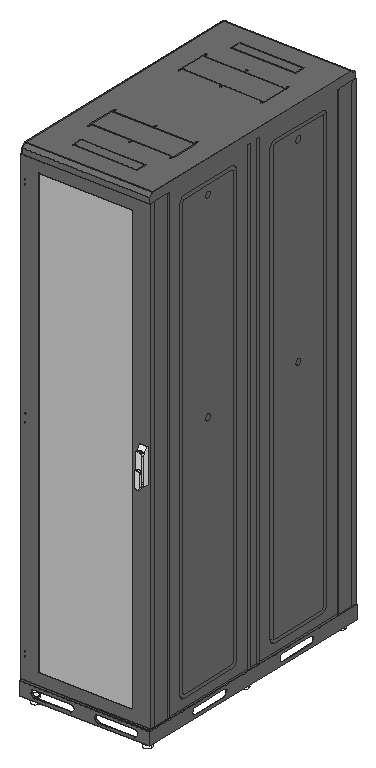
Revit family "600х1200", category Обобщенные модели, Revit 2019
Family settings
  Может служить основой для арматурных стержней = Нет
  Размер круглого соединителя = Использовать диаметр
  Тип детали = Нормальный
  На основе рабочей плоскости = Нет
  Всегда вертикально = Да
  При загрузке вырезать с полостями = Нет
  Общий = Нет
  Точка расчета площади = Нет
Parameters (values of type "ШТ-НП-С-47U-600-1200-ПП-Ч")
  Смещение от пола [instance] = 500 mm
  Описание = "Шкаф телекоммуникационный напольный серверный 19&quot;.47U(600x1200) . ШТ-НП-С-47U-600-1200-ПП-Ч передняя и задняя дверь перфорированная черн."
  Ноль = 0 mm  # constant formula
  Не двустворчатая дверь = not(Двустворчатая дверь)  # yes
  Материал крепежей = Металл черный
  Материал колес и ручек = Металл белый
  Материал каркаса = Металл черный
  Двустворчатая дверь = no
  Высота окна [instance] = ADSK_Размер_Высота - 40 mm - 62 mm - 7 mm + Ноль  # 2180 mm
  ADSK_Этаж [instance] = ""
  ADSK_Размер_Ширина [instance] = 600 mm  # constant formula
  ADSK_Размер_Глубина [instance] = 1200 mm  # constant formula
  ADSK_Размер_Высота = 2289 mm
  ADSK_Примечание [instance] = ""
  ADSK_Предел огнестойкости = ""
  ADSK_Позиция [instance] = ""
  ADSK_Обозначение = ""
  ADSK_Наименование краткое = "ШТ-НП-С-47U-600-1200-ПП-Ч"
  ADSK_Наименование = "Шкаф телекоммуникационный напольный серверный 19&quot;.47U(600x1200) . ШТ-НП-С-47U-600-1200-ПП-Ч передняя и задняя дверь перфорированная черн."
  ADSK_Масса_Текст = "110.0"
  ADSK_Марка [instance] = "ШТ-НП-С-47U-600-1200-ПП-Ч"
  ADSK_Количество [instance] = 1  # constant formula
  ADSK_Код изделия = "130411-01425"
  ADSK_Зона = ""
  ADSK_Завод-изготовитель = "АО СВЯЗЬСТРОЙДЕТАЛЬ"  # constant formula
  ADSK_Единица измерения = "шт"  # constant formula
  ADSK_URL страницы изделия = "https://www.ssd.ru/shkaf-telekommunikatsionnyy-napolnyy-servernyy-chernyy-19-quot-47u-600x1000-sht-np-s-47u-600-1000-pp"
  ADSK_URL документации изделия = ""
Reference planes
  plane 1 "тттт": y = 0
  plane 2: z = 0
  plane 3 "УУУУ": x = 0
  plane 4: y = 600
  plane 5: y = -600
  plane 6: x = -300
  plane 7: x = 300
  plane 8: z = 500
  plane 9: x = -298
  plane 10: x = -296
  plane 11: x = 298
  plane 12: x = 296
  plane 13: z = 530
  plane 14: z = 592
  plane 15: z = 599
  plane 16: z = 2779
  plane 17: z = 2819
  plane 18: x = -260
  plane 19: y = -560
  plane 20: x = 260
  plane 21: y = -560
  plane 22: x = -260
  plane 23: y = 560
  plane 24: x = 260
  plane 25: y = 560
  plane 26: z = 520
  plane 27: z = 510
  plane 28: y = -555
  plane 29: y = 555
  plane 30: y = 575
  plane 31: y = -575
  plane 32: z = 2817
  plane 33: y = 575
  plane 34: z = 2749
  plane 35: z = 629
  plane 36: y = -545
  plane 37: y = 545
  plane 38: z = 1689
  plane 39: y = -595
  plane 40: y = 595
  plane 41: z = 2805
Forms (mm)
  Extrusion 1, void, not visible, detail levels fine
    sketch origin (-20, 0, 0) x (1, 0, 0) y (0, 0, 1)
      loop
        arc (-281.999, 290) -> (-261.999, 270) -> (-241.999, 290) r 20
        line (-241.999, 290) -> (-241.999, 370)
        arc (-241.999, 370) -> (-261.999, 390) -> (-281.999, 370) r 20
        line (-281.999, 370) -> (-281.999, 290)
    from 90 to 190
  Extrusion 2, void, not visible
    sketch origin (-20, 0, 225) x (1, 0, 0) y (0, 0, 1)
      loop
        circle (-261.999, 215) r 6.5
    from 90 to 190
  Extrusion 3, void, not visible, detail levels fine
    sketch origin (20, 0, 0) x (-1, 0, 0) y (0, 0, -1)
      loop
        line (-281.999, -290) -> (-281.999, -370)
        arc (-281.999, -370) -> (-261.999, -390) -> (-241.999, -370) r 20
        line (-241.999, -370) -> (-241.999, -290)
        arc (-241.999, -290) -> (-261.999, -270) -> (-281.999, -290) r 20
    from 90 to 190
  Extrusion 4, void, not visible
    sketch origin (20, 0, 225) x (-1, 0, 0) y (0, 0, -1)
      loop
        circle (-261.999, -215) r 6.5
    from 90 to 190
  Extrusion 5, void, not visible
    sketch origin (0, 0, 220) x (0, 1, 0) y (0, 0, 1)
      loop
        circle (-102, 220) r 3.036
      loop
        circle (-172.959, 220) r 3.036
      loop
        circle (-122, 237) r 3.036
      loop
        circle (-157.959, 237) r 3.036
      loop
        circle (-121.964, 203) r 3.036
      loop
        circle (-158.036, 203) r 3.036
      loop
        arc (-162.48, 75) -> (-137.48, 50) -> (-112.48, 75) r 25
        line (-112.48, 75) -> (-112.48, 145)
        arc (-112.48, 145) -> (-137.48, 170) -> (-162.48, 145) r 25
        line (-162.48, 145) -> (-162.48, 75)
    from -312 to 312
  Extrusion 6, solid, material "Металл черный" <- "Материал каркаса", detail levels medium+fine
    sketch origin (0, 0, 0) x (1, 0, 0) y (0, 0, 1)
      loop
        line (-298, 592) -> (-298, 530) -> (298, 530) -> (298, 592) -> (-298, 592)
      loop
        arc (-248, 561) -> (-242.728, 548.272) -> (-230, 543) r 18
        line (-230, 543) -> (-66, 543)
        arc (-66, 543) -> (-53.272, 548.272) -> (-48, 561) r 18
        arc (-48, 561) -> (-53.272, 573.728) -> (-66, 579) r 18
        line (-66, 579) -> (-230, 579)
        arc (-230, 579) -> (-242.728, 573.728) -> (-248, 561) r 18
      loop
        arc (248, 561) -> (242.728, 573.728) -> (230, 579) r 18
        line (230, 579) -> (66, 579)
        arc (66, 579) -> (53.272, 573.728) -> (48, 561) r 18
        arc (48, 561) -> (53.272, 548.272) -> (66, 543) r 18
        line (66, 543) -> (230, 543)
        arc (230, 543) -> (242.728, 548.272) -> (248, 561) r 18
    from 595 to 600
  Extrusion 7, solid, material "Металл черный" <- "Материал каркаса", detail levels medium+fine
    sketch origin (0, 0, 0) x (1, 0, 0) y (0, 0, 1)
      loop
        line (-298, 592) -> (-298, 530) -> (298, 530) -> (298, 592) -> (-298, 592)
      loop
        arc (-248, 561) -> (-242.728, 548.272) -> (-230, 543) r 18
        line (-230, 543) -> (-66, 543)
        arc (-66, 543) -> (-53.272, 548.272) -> (-48, 561) r 18
        arc (-48, 561) -> (-53.272, 573.728) -> (-66, 579) r 18
        line (-66, 579) -> (-230, 579)
        arc (-230, 579) -> (-242.728, 573.728) -> (-248, 561) r 18
      loop
        arc (248, 561) -> (242.728, 573.728) -> (230, 579) r 18
        line (230, 579) -> (66, 579)
        arc (66, 579) -> (53.272, 573.728) -> (48, 561) r 18
        arc (48, 561) -> (53.272, 548.272) -> (66, 543) r 18
        line (66, 543) -> (230, 543)
        arc (230, 543) -> (242.728, 548.272) -> (248, 561) r 18
    from -600 to -595
  Extrusion 8, solid, material "Металл черный" <- "Материал каркаса", detail levels medium+fine
    sketch origin (0, 0, 0) x (0, 1, 0) y (0, 0, 1)
      loop
        line (-600, 592) -> (-600, 530) -> (600, 530) -> (600, 592) -> (-600, 592)
      loop
        arc (-352, 561) -> (-346.728, 548.272) -> (-334, 543) r 18
        line (-334, 543) -> (-170, 543)
        arc (-170, 543) -> (-157.272, 548.272) -> (-152, 561) r 18
        arc (-152, 561) -> (-157.272, 573.728) -> (-170, 579) r 18
        line (-170, 579) -> (-334, 579)
        arc (-334, 579) -> (-346.728, 573.728) -> (-352, 561) r 18
      loop
        arc (352, 561) -> (346.728, 573.728) -> (334, 579) r 18
        line (334, 579) -> (170, 579)
        arc (170, 579) -> (157.272, 573.728) -> (152, 561) r 18
        arc (152, 561) -> (157.272, 548.272) -> (170, 543) r 18
        line (170, 543) -> (334, 543)
        arc (334, 543) -> (346.728, 548.272) -> (352, 561) r 18
    from 298 to 300
  Extrusion 9, solid, material "Металл черный" <- "Материал каркаса", detail levels medium+fine
    sketch origin (0, 0, 0) x (0, 1, 0) y (0, 0, 1)
      loop
        line (-600, 592) -> (-600, 530) -> (600, 530) -> (600, 592) -> (-600, 592)
      loop
        arc (-352, 561) -> (-346.728, 548.272) -> (-334, 543) r 18
        line (-334, 543) -> (-170, 543)
        arc (-170, 543) -> (-157.272, 548.272) -> (-152, 561) r 18
        arc (-152, 561) -> (-157.272, 573.728) -> (-170, 579) r 18
        line (-170, 579) -> (-334, 579)
        arc (-334, 579) -> (-346.728, 573.728) -> (-352, 561) r 18
      loop
        arc (350, 561) -> (344.728, 573.728) -> (332, 579) r 18
        line (332, 579) -> (168, 579)
        arc (168, 579) -> (155.272, 573.728) -> (150, 561) r 18
        arc (150, 561) -> (155.272, 548.272) -> (168, 543) r 18
        line (168, 543) -> (332, 543)
        arc (332, 543) -> (344.728, 548.272) -> (350, 561) r 18
    from -300 to -298
  Extrusion 10, solid, material "Металл черный" <- "Материал каркаса", detail levels medium+fine
    sketch origin (0, 0, 0) x (1, 0, 0) y (0, 1, 0)
      loop
        line (-298, 600) -> (-298, -600) -> (298, -600) -> (298, 600) -> (-298, 600)
    from 592 to 599
  Extrusion 11, solid, material "Металл черный" <- "Материал каркаса", detail levels medium+fine
    sketch origin (0, 0, 0) x (0, 1, 0) y (0, 0, 1)
      loop
        line (-575, 599) -> (575, 599) -> (575, 2779) -> (595, 2779) -> (595, 2805) -> (575, 2819) -> (-575, 2819) -> (-595, 2805) -> (-595, 2779) -> (-575, 2779) -> (-575, 599)
    from 296 to 298
  Extrusion 12, solid, material "Металл черный" <- "Материал каркаса", detail levels medium+fine
    sketch origin (0, 0, 0) x (0, 1, 0) y (0, 0, 1)
      loop
        line (575, 599) -> (575, 2779) -> (595, 2779) -> (595, 2805) -> (575, 2819) -> (-575, 2819) -> (-595, 2805) -> (-595, 2779) -> (-575, 2779) -> (-575, 599) -> (575, 599)
    from -298 to -296
  Extrusion 13, solid, material "Металл черный" <- "Материал каркаса", detail levels fine
    sketch origin (0, 0, 0) x (0, 1, 0) y (0, 0, 1)
      loop
        line (575, 2779) -> (499, 2779) -> (499, 2774) -> (494.5, 2774) -> (494.5, 604) -> (499, 604) -> (499, 599) -> (575, 599) -> (575, 2779)
      loop
        line (490, 2779) -> (490, 599) -> (493, 599) -> (493, 2779) -> (490, 2779)
      loop
        arc (423, 2703) -> (415.385, 2721.385) -> (397, 2729) r 26
        line (397, 2729) -> (126, 2729)
        arc (126, 2729) -> (107.615, 2721.385) -> (100, 2703) r 26
        line (100, 2703) -> (100, 668)
        arc (100, 668) -> (107.615, 649.615) -> (126, 642) r 26
        line (126, 642) -> (397, 642)
        arc (397, 642) -> (415.385, 649.615) -> (423, 668) r 26
        line (423, 668) -> (423, 2703)
      loop
        arc (410, 2703) -> (406.192, 2712.192) -> (397, 2716) r 13
        line (397, 2716) -> (126, 2716)
        arc (126, 2716) -> (116.808, 2712.192) -> (113, 2703) r 13
        line (113, 2703) -> (113, 668)
        arc (113, 668) -> (116.808, 658.808) -> (126, 655) r 13
        line (126, 655) -> (397, 655)
        arc (397, 655) -> (406.192, 658.808) -> (410, 668) r 13
        line (410, 668) -> (410, 2703)
      loop
        circle (261.5, 2673) r 12
      loop
        line (20, 2779) -> (20, 599) -> (33, 599) -> (33, 2779) -> (20, 2779)
      loop
        line (-575, 2779) -> (-575, 599) -> (-499, 599) -> (-499, 604) -> (-494.5, 604) -> (-494.5, 2774) -> (-499, 2774) -> (-499, 2779) -> (-575, 2779)
      loop
        line (-490, 2779) -> (-493, 2779) -> (-493, 599) -> (-490, 599) -> (-490, 2779)
      loop
        line (-423, 2703) -> (-423, 668)
        arc (-423, 668) -> (-415.385, 649.615) -> (-397, 642) r 26
        line (-397, 642) -> (-126, 642)
        arc (-126, 642) -> (-107.615, 649.615) -> (-100, 668) r 26
        line (-100, 668) -> (-100, 2703)
        arc (-100, 2703) -> (-107.615, 2721.385) -> (-126, 2729) r 26
        line (-126, 2729) -> (-397, 2729)
        arc (-397, 2729) -> (-415.385, 2721.385) -> (-423, 2703) r 26
      loop
        line (-410, 2703) -> (-410, 668)
        arc (-410, 668) -> (-406.192, 658.808) -> (-397, 655) r 13
        line (-397, 655) -> (-126, 655)
        arc (-126, 655) -> (-116.808, 658.808) -> (-113, 668) r 13
        line (-113, 668) -> (-113, 2703)
        arc (-113, 2703) -> (-116.808, 2712.192) -> (-126, 2716) r 13
        line (-126, 2716) -> (-397, 2716)
        arc (-397, 2716) -> (-406.192, 2712.192) -> (-410, 2703) r 13
      loop
        circle (-261.5, 2673) r 12
      loop
        line (-20, 2779) -> (-33, 2779) -> (-33, 599) -> (-20, 599) -> (-20, 2779)
      loop
        circle (261.5, 1748) r 12
      loop
        circle (-261.5, 1748) r 12
    from 298 to 300
  Extrusion 14, solid, material "Металл черный" <- "Материал каркаса", detail levels fine
    sketch origin (0, 0, 0) x (0, 1, 0) y (0, 0, 1)
      loop
        line (575, 2779) -> (499, 2779) -> (499, 2774) -> (494.5, 2774) -> (494.5, 604) -> (499, 604) -> (499, 599) -> (575, 599) -> (575, 2779)
      loop
        line (490, 2779) -> (490, 599) -> (493, 599) -> (493, 2779) -> (490, 2779)
      loop
        arc (423, 2703) -> (415.385, 2721.385) -> (397, 2729) r 26
        line (397, 2729) -> (126, 2729)
        arc (126, 2729) -> (107.615, 2721.385) -> (100, 2703) r 26
        line (100, 2703) -> (100, 668)
        arc (100, 668) -> (107.615, 649.615) -> (126, 642) r 26
        line (126, 642) -> (397, 642)
        arc (397, 642) -> (415.385, 649.615) -> (423, 668) r 26
        line (423, 668) -> (423, 2703)
      loop
        arc (410, 2703) -> (406.192, 2712.192) -> (397, 2716) r 13
        line (397, 2716) -> (126, 2716)
        arc (126, 2716) -> (116.808, 2712.192) -> (113, 2703) r 13
        line (113, 2703) -> (113, 668)
        arc (113, 668) -> (116.808, 658.808) -> (126, 655) r 13
        line (126, 655) -> (397, 655)
        arc (397, 655) -> (406.192, 658.808) -> (410, 668) r 13
        line (410, 668) -> (410, 2703)
      loop
        circle (261.5, 2673) r 12
      loop
        line (20, 2779) -> (20, 599) -> (33, 599) -> (33, 2779) -> (20, 2779)
      loop
        line (-575, 2779) -> (-575, 599) -> (-499, 599) -> (-499, 604) -> (-494.5, 604) -> (-494.5, 2774) -> (-499, 2774) -> (-499, 2779) -> (-575, 2779)
      loop
        line (-490, 2779) -> (-493, 2779) -> (-493, 599) -> (-490, 599) -> (-490, 2779)
      loop
        line (-423, 2703) -> (-423, 668)
        arc (-423, 668) -> (-415.385, 649.615) -> (-397, 642) r 26
        line (-397, 642) -> (-126, 642)
        arc (-126, 642) -> (-107.615, 649.615) -> (-100, 668) r 26
        line (-100, 668) -> (-100, 2703)
        arc (-100, 2703) -> (-107.615, 2721.385) -> (-126, 2729) r 26
        line (-126, 2729) -> (-397, 2729)
        arc (-397, 2729) -> (-415.385, 2721.385) -> (-423, 2703) r 26
      loop
        line (-410, 2703) -> (-410, 668)
        arc (-410, 668) -> (-406.192, 658.808) -> (-397, 655) r 13
        line (-397, 655) -> (-126, 655)
        arc (-126, 655) -> (-116.808, 658.808) -> (-113, 668) r 13
        line (-113, 668) -> (-113, 2703)
        arc (-113, 2703) -> (-116.808, 2712.192) -> (-126, 2716) r 13
        line (-126, 2716) -> (-397, 2716)
        arc (-397, 2716) -> (-406.192, 2712.192) -> (-410, 2703) r 13
      loop
        circle (-261.5, 2673) r 12
      loop
        line (-20, 2779) -> (-33, 2779) -> (-33, 599) -> (-20, 599) -> (-20, 2779)
      loop
        circle (261.5, 1748) r 12
      loop
        circle (-261.5, 1748) r 12
    from -300 to -298
  Extrusion 15, solid, material "Металл черный" <- "Материал каркаса", detail levels medium+fine
    sketch origin (0, 0, 0) x (1, 0, 0) y (0, 1, 0)
      loop
        line (-296, 575) -> (-296, -575) -> (296, -575) -> (296, 575) -> (-296, 575)
      loop
        line (-149.5, 482.735) -> (-149.5, 432.735) -> (150.5, 432.735) -> (150.5, 482.735) -> (-149.5, 482.735)
      loop
        line (148.5, 434.735) -> (148.5, 480.735) -> (-147.5, 480.735) -> (-147.5, 434.735) -> (148.5, 434.735)
      loop
        line (-194.5, 324.7) -> (-194.5, 199.7) -> (195.5, 199.7) -> (195.5, 324.7) -> (-194.5, 324.7)
      loop
        line (-192.5, 322.7) -> (-192.5, 201.7) -> (193.5, 201.7) -> (193.5, 322.7) -> (-192.5, 322.7)
      loop
        line (-194.5, -200.3) -> (-194.5, -325.3) -> (195.5, -325.3) -> (195.5, -200.3) -> (-194.5, -200.3)
      loop
        line (193.5, -323.3) -> (193.5, -202.3) -> (-192.5, -202.3) -> (-192.5, -323.3) -> (193.5, -323.3)
      loop
        line (-149.5, -433.335) -> (-149.5, -483.335) -> (150.5, -483.335) -> (150.5, -433.335) -> (-149.5, -433.335)
      loop
        line (148.5, -481.3) -> (148.5, -435.335) -> (-147.5, -435.335) -> (-147.5, -481.3) -> (148.5, -481.3)
      loop
        circle (-189.5, -337.8) r 3.25
      loop
        circle (0.5, -337.8) r 3.25
      loop
        circle (190.5, -337.8) r 3.25
      loop
        circle (-189.5, -187.8) r 3.25
      loop
        circle (0.5, -187.8) r 3.25
      loop
        circle (190.5, -187.8) r 3.25
      loop
        circle (-189.5, 187.2) r 3.25
      loop
        circle (0.5, 187.2) r 3.25
      loop
        circle (190.5, 187.2) r 3.25
      loop
        circle (-189.5, 337.2) r 3.25
      loop
        circle (0.5, 337.2) r 3.25
      loop
        circle (190.5, 337.2) r 3.25
    from 2817 to 2819
  Extrusion 16, solid, material "Металл черный" <- "Материал крепежей", detail levels fine
    sketch origin (0, 0, 0) x (1, 0, 0) y (0, 1, 0)
      loop
        line (-260, 545) -> (-260, 530) -> (-257, 530) -> (-257, 542) -> (-245, 542) -> (-245, 545) -> (-260, 545)
      loop
        line (260, 545) -> (245, 545) -> (245, 542) -> (257, 542) -> (257, 530) -> (260, 530) -> (260, 545)
      loop
        line (-260, -545) -> (-245, -545) -> (-245, -542) -> (-257, -542) -> (-257, -530) -> (-260, -530) -> (-260, -545)
      loop
        line (260, -545) -> (260, -530) -> (257, -530) -> (257, -542) -> (245, -542) -> (245, -545) -> (260, -545)
      loop
        line (-260, 15) -> (-260, 0) -> (-260, -15) -> (-245, -15) -> (-245, -12) -> (-257, -12) -> (-257, 0) -> (-257, 12) -> (-245, 12) -> (-245, 15) -> (-260, 15)
      loop
        line (260, 15) -> (245, 15) -> (245, 12) -> (257, 12) -> (257, 0) -> (257, -12) -> (245, -12) -> (245, -15) -> (260, -15) -> (260, 0) -> (260, 15)
    from 599 to 2779
  Extrusion 17, solid, material "Металл черный" <- "Материал крепежей", detail levels fine
    sketch origin (0, 0, 0) x (1, 0, 0) y (0, 0, 1)
      loop
        line (-260, 654) -> (-270, 654) -> (-270, 664) -> (-280, 664) -> (-280, 661) -> (-273, 661) -> (-273, 651) -> (-262.989, 651) -> (-262.989, 642) -> (-273, 642) -> (-273, 632) -> (-280, 632) -> (-280, 629) -> (-270, 629) -> (-270, 639) -> (-260, 639) -> (-260, 654)
      loop
        line (260, 654) -> (260, 639) -> (270, 639) -> (270, 629) -> (280, 629) -> (280, 632) -> (273, 632) -> (273, 642) -> (262.989, 642) -> (262.989, 651) -> (273, 651) -> (273, 661) -> (280, 661) -> (280, 664) -> (270, 664) -> (270, 654) -> (260, 654)
      loop
        line (-260, 2739) -> (-270, 2739) -> (-270, 2749) -> (-280, 2749) -> (-280, 2746) -> (-273, 2746) -> (-273, 2736) -> (-262.989, 2736) -> (-262.989, 2727) -> (-273, 2727) -> (-273, 2717) -> (-280, 2717) -> (-280, 2714) -> (-270, 2714) -> (-270, 2724) -> (-260, 2724) -> (-260, 2739)
      loop
        line (260, 2739) -> (260, 2724) -> (270, 2724) -> (270, 2714) -> (280, 2714) -> (280, 2717) -> (273, 2717) -> (273, 2727) -> (262.989, 2727) -> (262.989, 2736) -> (273, 2736) -> (273, 2746) -> (280, 2746) -> (280, 2749) -> (270, 2749) -> (270, 2739) -> (260, 2739)
      loop
        line (-260, 1714) -> (-270, 1714) -> (-270, 1724) -> (-280, 1724) -> (-280, 1721) -> (-273, 1721) -> (-273, 1711) -> (-262.989, 1711) -> (-262.989, 1702) -> (-273, 1702) -> (-273, 1692) -> (-280, 1692) -> (-280, 1689) -> (-270, 1689) -> (-270, 1699) -> (-260, 1699) -> (-260, 1714)
      loop
        line (260, 1714) -> (260, 1699) -> (270, 1699) -> (270, 1689) -> (280, 1689) -> (280, 1692) -> (273, 1692) -> (273, 1702) -> (262.989, 1702) -> (262.989, 1711) -> (273, 1711) -> (273, 1721) -> (280, 1721) -> (280, 1724) -> (270, 1724) -> (270, 1714) -> (260, 1714)
    from -575 to 560
  Extrusion 18, solid, material "Металл черный" <- "Материал каркаса", detail levels medium+fine
    sketch origin (0, 0, 0) x (0, 1, 0) y (0, 0, 1)
      loop
        line (575, 2819) -> (575, 2779) -> (595, 2779) -> (595, 2805) -> (575, 2819)
      loop
        line (-595, 2779) -> (-575, 2779) -> (-575, 2819) -> (-595, 2805) -> (-595, 2779)
    from -296 to 296
  Extrusion 19, solid, material "Металл черный" <- "Материал каркаса", detail levels coarse
    sketch origin (0, 0, 0) x (1, 0, 0) y (0, 1, 0)
      loop
        line (-300, 600) -> (-300, -600) -> (300, -600) -> (300, 600) -> (-300, 600)
    from 500 to 2819
Cuts and joins
  joined: Extrusion 11, Extrusion 12
  joined: Extrusion 6, Extrusion 7, Extrusion 8, Extrusion 9
Dimensions and locks
  equal spacing: plane 5, plane 1 "тттт", plane 4
  "ADSK_Размер_Глубина": plane 5 to plane 4
  equal spacing: plane 6, plane 3 "УУУУ", plane 7
  "ADSK_Размер_Ширина": plane 6 to plane 7
  "Смещение от пола": plane 8 to plane 2
  locked: plane 6 to plane 9 at 2
  locked: plane 9 to plane 10 at 2
  locked: plane 11 to plane 7 at 2
  locked: plane 12 to plane 11 at 2
  locked: plane 13 to plane 8 at 30
  locked: plane 14 to plane 13 at 62
  locked: plane 15 to plane 14 at 7
  "Высота окна": plane 16 to plane 15
  locked: plane 17 to plane 16 at 40
  locked: plane 19 to plane 5 at 40
  locked: plane 6 to plane 18 at 40
  locked: plane 20 to plane 7 at 40
  locked: plane 21 to plane 5 at 40
  locked: plane 6 to plane 22 at 40
  locked: plane 23 to plane 4 at 40
  locked: plane 24 to plane 7 at 40
  locked: plane 25 to plane 4 at 40
  locked: plane 13 to plane 26 at 10
  locked: plane 26 to plane 27 at 10
  locked: plane 5 to plane 28 at 45
  locked: plane 29 to plane 4 at 45
  locked: plane 4 to plane 30 at 25
  locked: plane 31 to plane 5 at 25
  locked: plane 32 to plane 17 at 2
  locked: Extrusion 14 sketch curve to plane 16 at 50
  locked: plane 15 to Extrusion 14 sketch curve at 43  (x2)
  locked: Extrusion 14 sketch curve to Extrusion 14 sketch curve at 13  (x8)
  locked: plane 16 to Extrusion 14 sketch curve at 50
  locked: cut or joined group of Extrusion 11, Extrusion 12 to Extrusion 14 sketch curve at 80.5
  locked: Extrusion 14 sketch curve to Extrusion 14 sketch curve at 4.5  (x2)
  locked: Extrusion 14 sketch curve to cut or joined group of Extrusion 11, Extrusion 12 at 80.5
  locked: Extrusion 14 sketch curve to Extrusion 14 sketch curve at 67  (x4)
  equal spacing: Extrusion 14 sketch curve, plane 1 "тттт", Extrusion 14 sketch curve
  locked: plane 33 to plane 4 at 25
  locked: plane 31 to Extrusion 13 sketch curve at 80.5
  locked: Extrusion 13 sketch curve to Extrusion 13 sketch curve at 4.5  (x2)
  locked: Extrusion 13 sketch curve to Extrusion 13 sketch curve at 67  (x4)
  locked: Extrusion 13 sketch curve to Extrusion 13 sketch curve at 13  (x6)
  locked: Extrusion 13 sketch curve to plane 1 "тттт" at 20
  locked: plane 1 "тттт" to Extrusion 13 sketch curve at 20
  locked: Extrusion 13 sketch curve to plane 33 at 80.5
  locked: Extrusion 6 sketch curve to Extrusion 6 sketch curve at 200  (x2)
  equal spacing: Extrusion 6 sketch curve, plane 3 "УУУУ", Extrusion 6 sketch curve
  locked: Extrusion 7 sketch curve to Extrusion 7 sketch curve at 200  (x2)
  equal spacing: Extrusion 7 sketch curve, plane 3 "УУУУ", Extrusion 7 sketch curve
  locked: plane 16 to plane 34 at 30
  locked: plane 35 to plane 15 at 30
  locked: plane 5 to plane 36 at 55
  locked: plane 4 to plane 37 at 55
  equal spacing: plane 16, plane 38, plane 15
  locked: plane 39 to plane 31 at 20
  locked: plane 40 to plane 4 at 5
  locked: plane 41 to plane 17 at 14
  aligned and locked: level to plane 2
  aligned and locked: nested 2 to plane 18
  aligned and locked: nested 2 to plane 19
  aligned and locked: nested 1 to plane 21
  aligned and locked: nested 1 to plane 20
  aligned and locked: plane 1 "тттт" to nested 5
  aligned and locked: plane 1 "тттт" to nested 6
  aligned and locked: plane 25 to nested 4
  aligned and locked: nested 6 to plane 18
  aligned and locked: plane 20 to nested 5
  aligned and locked: plane 24 to nested 4
  aligned and locked: plane 13 to nested 2
  aligned and locked: plane 13 to nested 1
  aligned and locked: plane 13 to nested 6
  aligned and locked: plane 13 to nested 5
  aligned and locked: plane 13 to nested 3
  aligned and locked: plane 13 to nested 4
  aligned and locked: plane 14 to Extrusion 6 sketch curve
  aligned and locked: Extrusion 6 sketch curve to plane 13
  aligned and locked: Extrusion 6 sketch curve to plane 11
  aligned and locked: plane 9 to Extrusion 6 sketch curve
  aligned and locked: plane 14 to Extrusion 7 sketch curve
  aligned and locked: Extrusion 7 sketch curve to plane 13
  aligned and locked: Extrusion 8 sketch curve to Extrusion 6  (x2)
  aligned and locked: Extrusion 8 sketch curve to Extrusion 7
  aligned and locked: plane 7 to Extrusion 8
  aligned and locked: Extrusion 8 to plane 11
  aligned and locked: Extrusion 9 to plane 6
  aligned and locked: plane 9 to Extrusion 9
  aligned and locked: plane 14 to Extrusion 9 sketch curve
  aligned and locked: Extrusion 9 sketch curve to plane 5
  aligned and locked: Extrusion 9 sketch curve to plane 13
  aligned and locked: Extrusion 10 sketch curve to plane 5
  aligned and locked: Extrusion 8 to Extrusion 10 sketch curve
  aligned and locked: plane 9 to Extrusion 10 sketch curve
  aligned and locked: Extrusion 10 to plane 15
  aligned and locked: plane 14 to Extrusion 10
  aligned and locked: plane 15 to Extrusion 11 sketch curve
  aligned and locked: plane 11 to Extrusion 11
  aligned and locked: Extrusion 11 to plane 12
  aligned and locked: Extrusion 12 sketch curve to plane 15
  aligned and locked: Extrusion 12 sketch curve to plane 30
  aligned and locked: Extrusion 12 sketch curve to plane 31
  aligned and locked: Extrusion 12 to plane 9
  aligned and locked: plane 10 to Extrusion 12
  aligned and locked: Extrusion 13 to plane 11
  aligned and locked: plane 7 to Extrusion 13
  aligned and locked: Extrusion 14 to plane 6
  aligned and locked: plane 9 to Extrusion 14
  aligned and locked: plane 10 to Extrusion 15 sketch curve
  aligned and locked: Extrusion 15 sketch curve to plane 12
  aligned and locked: plane 32 to Extrusion 15
  aligned and locked: Extrusion 15 to plane 17
  aligned and locked: plane 16 to Extrusion 14 sketch curve
  aligned and locked: plane 30 to Extrusion 14 sketch curve
  aligned and locked: plane 31 to Extrusion 14 sketch curve
  aligned and locked: Extrusion 13 sketch curve to plane 31
  aligned and locked: Extrusion 13 sketch curve to plane 33
  aligned and locked: plane 15 to Extrusion 13 sketch curve  (x2)
  aligned and locked: Extrusion 13 sketch curve to plane 16
  aligned and locked: plane 16 to Extrusion 13 sketch curve
  aligned and locked: plane 22 to Extrusion 16 sketch curve
  aligned and locked: Extrusion 16 sketch curve to plane 37
  aligned and locked: plane 37 to Extrusion 16 sketch curve
  aligned and locked: Extrusion 16 sketch curve to plane 24
  aligned and locked: Extrusion 16 sketch curve to plane 18  (x2)
  aligned and locked: Extrusion 16 sketch curve to plane 36
  aligned and locked: plane 36 to Extrusion 16 sketch curve
  aligned and locked: plane 20 to Extrusion 16 sketch curve  (x2)
  aligned and locked: Extrusion 16 to plane 16
  aligned and locked: plane 15 to Extrusion 16
  aligned and locked: Extrusion 17 sketch curve to plane 35
  aligned and locked: plane 35 to Extrusion 17 sketch curve
  aligned and locked: plane 38 to Extrusion 17 sketch curve
  aligned and locked: Extrusion 17 sketch curve to plane 38
  aligned and locked: Extrusion 17 sketch curve to plane 34
  aligned and locked: plane 34 to Extrusion 17 sketch curve
  aligned and locked: Extrusion 17 to plane 30
  aligned and locked: Extrusion 17 to plane 19
  aligned and locked: nested 3 to plane 22
  aligned and locked: plane 23 to nested 3
  aligned and locked: plane 16 to nested 7
  aligned and locked: plane 15 to nested 7
  aligned and locked: nested 7 to plane 6
  aligned and locked: plane 7 to nested 7
  aligned and locked: plane 16 to nested 8
  aligned and locked: plane 15 to nested 8
  aligned and locked: nested 8 to plane 7
  aligned and locked: nested 8 to plane 6
  aligned and locked: nested 8 to plane 33
  aligned and locked: Extrusion 12 sketch curve to plane 17
  aligned and locked: Extrusion 11 sketch curve to plane 31
  aligned and locked: Extrusion 11 sketch curve to plane 33
  aligned and locked: Extrusion 11 sketch curve to Extrusion 13
  aligned and locked: cut or joined group of Extrusion 11, Extrusion 12 to plane 17
  aligned and locked: plane 16 to cut or joined group of Extrusion 11, Extrusion 12  (x2)
  aligned and locked: plane 39 to Extrusion 11 sketch curve
  aligned and locked: Extrusion 11 sketch curve to plane 17
  aligned and locked: plane 41 to Extrusion 11 sketch curve  (x2)
  aligned and locked: plane 17 to Extrusion 11 sketch curve
  aligned and locked: Extrusion 12 sketch curve to plane 16
  aligned and locked: plane 16 to Extrusion 12 sketch curve
  aligned and locked: plane 39 to Extrusion 12 sketch curve
  aligned and locked: plane 40 to Extrusion 12 sketch curve
  aligned and locked: Extrusion 12 sketch curve to plane 40
  aligned and locked: plane 17 to Extrusion 12 sketch curve
  aligned and locked: plane 41 to Extrusion 12 sketch curve
  aligned and locked: plane 4 to Extrusion 8 sketch curve
  aligned and locked: plane 4 to Extrusion 10 sketch curve
  aligned and locked: plane 4 to Extrusion 9 sketch curve
  aligned and locked: Extrusion 6 to nested 7
  aligned and locked: plane 11 to Extrusion 7 sketch curve
  aligned and locked: Extrusion 7 sketch curve to plane 9
  aligned and locked: plane 40 to Extrusion 7
  aligned and locked: Extrusion 7 to plane 4
  aligned and locked: Extrusion 6 to plane 39
  aligned and locked: plane 5 to Extrusion 6
  aligned and locked: plane 30 to Extrusion 15 sketch curve
  aligned and locked: Extrusion 15 sketch curve to plane 31
  aligned and locked: Extrusion 18 sketch curve to plane 16  (x2)
  aligned and locked: plane 40 to Extrusion 18 sketch curve
  aligned and locked: plane 41 to Extrusion 18 sketch curve
  aligned and locked: plane 33 to Extrusion 18 sketch curve
  aligned and locked: plane 39 to Extrusion 18 sketch curve
  aligned and locked: plane 31 to Extrusion 18 sketch curve
  aligned and locked: Extrusion 18 to plane 12
  aligned and locked: plane 10 to Extrusion 18
  aligned and locked: nested 9 to plane 16
  aligned and locked: nested 9 to plane 15
  aligned and locked: nested 9 to plane 6
  aligned and locked: nested 9 to plane 7
  aligned and locked: plane 33 to nested 9
  aligned and locked: nested 10 to plane 17
  aligned and locked: plane 13 to nested 10
  aligned and locked: nested 10 to plane 7
  aligned and locked: nested 10 to plane 6
  aligned and locked: nested 11 to plane 17
  aligned and locked: plane 13 to nested 11
  aligned and locked: nested 11 to plane 4
  aligned and locked: nested 11 to plane 5
  aligned and locked: nested 12 to plane 4
  aligned and locked: plane 5 to nested 12
  aligned and locked: plane 6 to nested 12
  aligned and locked: plane 7 to nested 12
  aligned and locked: Extrusion 19 sketch curve to nested 12  (x4)
  aligned and locked: Extrusion 19 to plane 17
  aligned and locked: plane 8 to Extrusion 19
Automatic sketch dimensions
  Extrusion 5 sketch curve to Extrusion 5 sketch curve = 10.48 mm
  Extrusion 5 sketch curve to Extrusion 5 sketch curve = 14.924 mm
  Extrusion 5 sketch curve to Extrusion 5 sketch curve = 15 mm
  Extrusion 5 sketch curve to Extrusion 5 sketch curve = 25 mm
  Extrusion 5 sketch curve to Extrusion 5 sketch curve = 35.959 mm
  Extrusion 5 sketch curve to Extrusion 5 sketch curve = 0.036 mm
  Extrusion 5 sketch curve to Extrusion 5 sketch curve = 19.964 mm
  Extrusion 5 sketch curve to Extrusion 5 sketch curve = 70 mm
  Extrusion 5 sketch curve to Extrusion 5 sketch curve = 58 mm
  Extrusion 5 sketch curve to Extrusion 5 sketch curve = 0 mm
  Extrusion 5 sketch curve to Extrusion 5 sketch curve = 17 mm  (x4)
  Extrusion 1 sketch curve to Extrusion 1 sketch curve = 20 mm
  Extrusion 1 sketch curve to Extrusion 1 sketch curve = 80 mm
  Extrusion 3 sketch curve to Extrusion 3 sketch curve = 20 mm
  Extrusion 3 sketch curve to Extrusion 3 sketch curve = 80 mm
  Extrusion 6 sketch curve to Extrusion 6 sketch curve = 0 mm  (x8)
  Extrusion 6 sketch curve to plane 13 = 13 mm  (x2)
  plane 14 to Extrusion 6 sketch curve = 13 mm
  Extrusion 6 sketch curve to Extrusion 6 sketch curve = 18 mm
  Extrusion 7 sketch curve to Extrusion 7 sketch curve = 0 mm  (x4)
  Extrusion 7 sketch curve to plane 13 = 13 mm  (x2)
  plane 14 to Extrusion 7 sketch curve = 13 mm
  Extrusion 7 sketch curve to Extrusion 7 sketch curve = 18 mm
  Extrusion 6 sketch curve to plane 18 = 30 mm
  Extrusion 7 sketch curve to plane 18 = 30 mm
  plane 1 "тттт" to Extrusion 16 sketch curve = 0 mm  (x4)
  Extrusion 16 sketch curve to plane 18 = 3 mm  (x3)
  Extrusion 16 sketch curve to Extrusion 16 sketch curve = 12 mm  (x7)
  Extrusion 16 sketch curve to plane 20 = 15 mm  (x3)
  plane 36 to Extrusion 16 sketch curve = 3 mm  (x2)
  Extrusion 16 sketch curve to plane 37 = 3 mm  (x2)
  Extrusion 16 sketch curve to Extrusion 16 sketch curve = 15 mm
  Extrusion 16 sketch curve to plane 20 = 3 mm  (x2)
  Extrusion 16 sketch curve to Extrusion 16 sketch curve = 3 mm  (x5)
  plane 1 "тттт" to Extrusion 16 sketch curve = 15 mm  (x2)
  Extrusion 16 sketch curve to plane 1 "тттт" = 12 mm  (x2)
  Extrusion 16 sketch curve to plane 37 = 15 mm
  Extrusion 17 sketch curve to plane 18 = 0 mm
  plane 18 to Extrusion 17 sketch curve = 0 mm  (x2)
  Extrusion 17 sketch curve to plane 20 = 0 mm  (x3)
  plane 18 to Extrusion 17 sketch curve = 2.989 mm  (x3)
  plane 18 to Extrusion 17 sketch curve = 10 mm  (x4)
  Extrusion 17 sketch curve to Extrusion 17 sketch curve = 7.011 mm  (x5)
  Extrusion 17 sketch curve to Extrusion 17 sketch curve = 3 mm  (x35)
  Extrusion 17 sketch curve to Extrusion 17 sketch curve = 7 mm  (x19)
  Extrusion 17 sketch curve to plane 35 = 3 mm
  plane 20 to Extrusion 17 sketch curve = 2.989 mm  (x3)
  plane 20 to Extrusion 17 sketch curve = 10 mm  (x3)
  Extrusion 17 sketch curve to plane 35 = 10 mm
  Extrusion 17 sketch curve to Extrusion 17 sketch curve = 9 mm  (x4)
  Extrusion 17 sketch curve to plane 38 = 10 mm  (x2)
  Extrusion 17 sketch curve to plane 38 = 22 mm  (x2)
  Extrusion 17 sketch curve to Extrusion 17 sketch curve = 10 mm  (x2)
  Extrusion 12 sketch curve to plane 31 = 0 mm
  Extrusion 12 sketch curve to plane 30 = 0 mm
  plane 41 to Extrusion 12 sketch curve = 0 mm
  Extrusion 8 sketch curve to Extrusion 8 sketch curve = 0 mm  (x4)
  Extrusion 8 sketch curve to plane 13 = 31 mm  (x2)
  plane 36 to Extrusion 8 sketch curve = 211 mm
  plane 14 to Extrusion 8 sketch curve = 13 mm
  Extrusion 8 sketch curve to Extrusion 8 sketch curve = 164 mm
  Extrusion 8 sketch curve to plane 1 "тттт" = 170 mm
  Extrusion 8 sketch curve to plane 37 = 211 mm
  Extrusion 8 sketch curve to plane 13 = 13 mm
  plane 41 to Extrusion 18 sketch curve = 0 mm
  plane 17 to Extrusion 18 sketch curve = 0 mm  (x2)
  Extrusion 9 sketch curve to Extrusion 9 sketch curve = 0 mm  (x6)
  Extrusion 9 sketch curve to plane 13 = 31 mm
  plane 36 to Extrusion 9 sketch curve = 211 mm
  Extrusion 9 sketch curve to plane 13 = 13 mm  (x2)
  Extrusion 9 sketch curve to Extrusion 9 sketch curve = 164 mm
  Extrusion 9 sketch curve to plane 1 "тттт" = 168 mm
  Extrusion 9 sketch curve to plane 37 = 213 mm
  Extrusion 9 sketch curve to Extrusion 9 sketch curve = 18 mm
  Extrusion 11 sketch curve to plane 31 = 0 mm
  Extrusion 11 sketch curve to plane 30 = 0 mm
  Extrusion 11 sketch curve to plane 40 = 0 mm
  plane 16 to Extrusion 11 sketch curve = 0 mm
  Extrusion 13 sketch curve to Extrusion 13 sketch curve = 0 mm  (x17)
  plane 15 to Extrusion 13 sketch curve = 0 mm  (x4)
  plane 16 to Extrusion 13 sketch curve = 0 mm  (x4)
  Extrusion 13 sketch curve to Extrusion 13 sketch curve = 4.5 mm  (x3)
  Extrusion 13 sketch curve to Extrusion 13 sketch curve = 3 mm  (x2)
  Extrusion 13 sketch curve to Extrusion 13 sketch curve = 13 mm  (x8)
  Extrusion 13 sketch curve to plane 38 = 59 mm  (x2)
  plane 1 "тттт" to Extrusion 13 sketch curve = 261.5 mm
  Extrusion 13 sketch curve to Extrusion 13 sketch curve = 135.5 mm  (x2)
  Extrusion 13 sketch curve to plane 1 "тттт" = 261.5 mm
  Extrusion 13 sketch curve to Extrusion 13 sketch curve = 6 mm
  Extrusion 13 sketch curve to plane 15 = 5 mm  (x2)
  Extrusion 13 sketch curve to plane 35 = 13 mm  (x2)
  plane 34 to Extrusion 13 sketch curve = 76 mm  (x2)
  plane 34 to Extrusion 13 sketch curve = 46 mm  (x2)
  Extrusion 13 sketch curve to Extrusion 13 sketch curve = 5 mm  (x2)
  Extrusion 14 sketch curve to Extrusion 14 sketch curve = 0 mm  (x17)
  plane 15 to Extrusion 14 sketch curve = 0 mm  (x6)
  plane 16 to Extrusion 14 sketch curve = 0 mm  (x5)
  Extrusion 14 sketch curve to Extrusion 14 sketch curve = 4.5 mm  (x2)
  Extrusion 14 sketch curve to Extrusion 14 sketch curve = 3 mm  (x2)
  Extrusion 14 sketch curve to Extrusion 14 sketch curve = 13 mm  (x7)
  Extrusion 14 sketch curve to Extrusion 14 sketch curve = 135.5 mm  (x2)
  Extrusion 14 sketch curve to plane 38 = 59 mm  (x2)
  plane 1 "тттт" to Extrusion 14 sketch curve = 261.5 mm
  Extrusion 14 sketch curve to plane 35 = 39 mm
  plane 1 "тттт" to Extrusion 14 sketch curve = 126 mm
  Extrusion 14 sketch curve to plane 1 "тттт" = 261.5 mm
  Extrusion 14 sketch curve to Extrusion 14 sketch curve = 6 mm  (x2)
  Extrusion 14 sketch curve to plane 15 = 5 mm  (x2)
  plane 34 to Extrusion 14 sketch curve = 76 mm  (x2)
  Extrusion 14 sketch curve to Extrusion 14 sketch curve = 5 mm  (x2)
  Extrusion 15 sketch curve to plane 18 = 65.5 mm  (x2)
  Extrusion 15 sketch curve to Extrusion 15 sketch curve = 2 mm  (x15)
  Extrusion 15 sketch curve to plane 18 = 110.5 mm  (x2)
  Extrusion 15 sketch curve to plane 20 = 111.5 mm  (x2)
  Extrusion 15 sketch curve to plane 20 = 66.5 mm  (x2)
  plane 36 to Extrusion 15 sketch curve = 61.665 mm
  Extrusion 15 sketch curve to Extrusion 15 sketch curve = 2.035 mm
  Extrusion 15 sketch curve to Extrusion 15 sketch curve = 45.965 mm
  Extrusion 15 sketch curve to Extrusion 15 sketch curve = 108.035 mm
  Extrusion 15 sketch curve to Extrusion 15 sketch curve = 121 mm  (x2)
  Extrusion 15 sketch curve to plane 1 "тттт" = 199.7 mm
  Extrusion 15 sketch curve to plane 37 = 112.265 mm
  Extrusion 15 sketch curve to Extrusion 15 sketch curve = 46 mm
  radius of Extrusion 5 sketch curve = 3.036 mm  (x6)
  radius of Extrusion 2 sketch curve = 6.5 mm
  radius of Extrusion 4 sketch curve = 6.5 mm
  radius of Extrusion 13 sketch curve = 12 mm  (x4)
  radius of Extrusion 14 sketch curve = 12 mm  (x4)
Nested families
  nested 1: "Стойка" at (260, -560, 500), Материал по экземпляру <- "Материал колес и ручек", type "Стойка", detail levels medium+fine
    with Материал по экземпляру Металл белый
  nested 2: "Стойка" at (-260, -560, 500), Материал по экземпляру <- "Материал колес и ручек", type "Стойка", detail levels medium+fine
    with Материал по экземпляру Металл белый
  nested 3: "Стойка" at (-260, 560, 500), Материал по экземпляру <- "Материал колес и ручек", type "Стойка", detail levels medium+fine
    with Материал по экземпляру Металл белый
  nested 4: "Стойка" at (260, 560, 500), Материал по экземпляру <- "Материал колес и ручек", type "Стойка", detail levels medium+fine
    with Материал по экземпляру Металл белый
  nested 5: "Стойка" at (260, 0, 500), Материал по экземпляру <- "Материал колес и ручек", type "Стойка", detail levels medium+fine
    with Материал по экземпляру Металл белый
  nested 6: "Стойка" at (-260, 0, 500), Материал по экземпляру <- "Материал колес и ручек", type "Стойка", detail levels medium+fine
    with Материал по экземпляру Металл белый
  nested 7: "Дверь" at (0, -575, 299), ADSK_Размер_Высота <- "Высота окна", ADSK_Размер_Ширина <- "ADSK_Размер_Ширина", Материал каркаса <- "Материал каркаса", Материал ручки <- "Материал колес и ручек", type "Перфарированная дверь", detail levels medium+fine
    with Материал ручки Металл белый, Материал каркаса Металл черный, ADSK_Размер_Ширина 600 mm, ADSK_Размер_Высота 2180 mm
  nested 8: "Дверь" at (0, 575, 299) x (-1, 0, 0) z (0, 0, 1), ADSK_Размер_Высота <- "Высота окна", ADSK_Размер_Ширина <- "ADSK_Размер_Ширина", Материал каркаса <- "Материал каркаса", Материал ручки <- "Материал колес и ручек", visible <- "Не двустворчатая дверь", type "Перфарированная дверь", detail levels medium+fine
    with Материал ручки Металл белый, Материал каркаса Металл черный, ADSK_Размер_Ширина 600 mm, ADSK_Размер_Высота 2180 mm
  nested 9: "Дверь двустворчатая" at (0, 575, 299), Материал каркаса <- "Материал каркаса", Материал ручки <- "Материал колес и ручек", ADSK_Размер_Высота <- "Высота окна", ADSK_Размер_Ширина <- "ADSK_Размер_Ширина", visible <- "Двустворчатая дверь", type "Двустворчатая дверь", detail levels medium+fine
    with Материал ручки Металл белый, Материал каркаса Металл черный, ADSK_Размер_Ширина 600 mm, ADSK_Размер_Высота 2180 mm
  nested 10: "ЭУ_ДВЕРЬ" at (0, 0, 1674.5) x (1, 0, 0) z (0, -1, 0), ADSK_Размер_Высота <- "ADSK_Размер_Высота", ADSK_Размер_Ширина <- "ADSK_Размер_Ширина", type "ЭУ_ДВЕРЬ", detail levels coarse
    with Глубина_Р 120 mm, ADSK_Размер_Ширина 600 mm, ADSK_Размер_Высота 2289 mm
  nested 11: "ЭУ_БОК" at (0, 0, 1674.5) x (0, 1, 0) z (1, 0, 0), ADSK_Размер_Высота <- "ADSK_Размер_Высота", ADSK_Размер_Глубина <- "ADSK_Размер_Глубина", type "ЭУ_БОК", detail levels coarse
    with Глубина_Р 200 mm, ADSK_Размер_Глубина 1200 mm, ADSK_Размер_Высота 2289 mm
  nested 12: "ЭУ_ВВЕРХ" at (0, 0, 0), ADSK_Размер_Глубина <- "ADSK_Размер_Глубина", ADSK_Размер_Ширина <- "ADSK_Размер_Ширина", type "ЭУ_ВВЕРХ", detail levels coarse
    with ADSK_Размер_Ширина 600 mm, ADSK_Размер_Глубина 1200 mm
Definition of nested family "Стойка"
  Parameters (values of type "Стойка")
    Материал по экземпляру [instance] = none
  Reference planes
    plane 1 "N1": y = 0
    plane 2: z = 0
    plane 3 "По центру (Влево/Вправо)": x = 0
    plane 4: z = 10
    plane 5: z = 30
    plane 6: z = 20
    plane 7: y = -15
    plane 8: y = 15
    plane 9: y = 45
    plane 10: y = -45
    plane 11 "N56": x = -20
  Forms (mm)
    Extrusion 1, solid, material <- "Материал по экземпляру"
      sketch origin (0, 0, 0) x (1, 0, 0) y (0, 1, 0)
        loop
          circle (0, 0) r 10
      from 10 to 30
    Extrusion 2, solid, material <- "Материал по экземпляру"
      sketch origin (0, 0, 0) x (1, 0, 0) y (0, 1, 0)
        loop
          line (0.142, 14) -> (-6.929, 14) -> (-14, 6.929) -> (-14, -0.142) -> (-14, -7.213) -> (-7.213, -14) -> (0, -14) -> (7.213, -14) -> (14, -7.213) -> (14, 0) -> (14, 6.929) -> (6.929, 14) -> (0.142, 14)
      from 20 to 30
    Blend 3, solid, material <- "Материал по экземпляру"
      base sketch origin (0, 0, 0) x (1, 0, 0) y (0, 1, 0)
        loop
          circle (0, 0) r 18
      top sketch origin (0, 0, 0) x (1, 0, 0) y (0, 1, 0)
        loop
          circle (0, 0) r 9
      from 0 to 10
  Cuts and joins
    joined: Extrusion 1, Extrusion 2
  Lines and regions (mm)
    symbolic lines
      curve 1: line (0, 0, 70) -> (0, 0, 45)
      curve 2: line (0, 45, 0) -> (0, -45, 0)
      curve 3: line (0, 0, 0) -> (50, 0, 0)
      curve 4: line (0, 0, 0) -> (-50, 0, 0)
  Dimensions and locks
    locked: plane 8 to plane 9 at 30
    locked: plane 10 to plane 7 at 30
    locked: plane 7 to plane 1 "N1" at 15
    locked: plane 1 "N1" to plane 8 at 15
    locked: plane 6 to plane 4 at 10
    locked: plane 5 to plane 6 at 10
    locked: plane 4 to plane 2 at 10
    aligned and locked: level to plane 2
    aligned and locked: plane 6 to Extrusion 2
    aligned and locked: Extrusion 2 to plane 5
    aligned and locked: plane 1 "N1" to curve 3
    aligned and locked: curve 4 to plane 1 "N1"
    aligned and locked: curve 2 to plane 3 "По центру (Влево/Вправо)"
    aligned and locked: plane 4 to Extrusion 1
    aligned and locked: Extrusion 1 to plane 5
    aligned and locked: plane 1 "N1" to Blend 3 sketch curve  (x2)
    aligned and locked: plane 3 "По центру (Влево/Вправо)" to Blend 3 sketch curve  (x2)
    aligned and locked: Blend 3 to plane 4
    aligned and locked: Blend 3 to plane 2
Definition of nested family "Дверь"
  Parameters (values of type "Перфарированная дверь")
    Толщина листа = 15 mm
    Размер правого каркаса = 81 mm
    Размер нижнего каркаса = 50 mm
    Размер левого каркаса = 81 mm
    Размер верхнего каркаса = 50 mm
    Материал стекла/перфорации = none
    Материал ручки [instance] = none
    Материал каркаса [instance] = none
    ADSK_Размер_Ширина [instance] = 600 mm
    ADSK_Размер_Высота [instance] = 865 mm
  Reference planes
    plane 1 "ТТТТТТТТТ": y = 0
    plane 2: z = 0
    plane 3 "По центру (Влево/Вправо)": x = 0
    plane 4: y = -20
    plane 5: z = 300
    plane 6: z = 1165
    plane 7: z = 732.5
    plane 8: z = 400
    plane 9: z = 420
    plane 10: z = 1065
    plane 11: z = 1045
    plane 12: z = 470
    plane 13: z = 995
    plane 14: x = -219
    plane 15: x = 219
    plane 16: x = -300
    plane 17: x = 300
    plane 18: z = 350
    plane 19: z = 1115
    plane 20: x = -278
    plane 21: x = 270
    plane 22: z = 752.5
    plane 23: z = 712.5
    plane 24: y = -15
  Forms (mm)
    Extrusion 1, solid, material <- "Материал каркаса"
      sketch origin (0, 0, 0) x (1, 0, 0) y (0, 0, 1)
        loop
          line (-300, 1165) -> (-300, 300) -> (300, 300) -> (300, 1165) -> (-300, 1165)
        loop
          line (219, 1115) -> (-219, 1115) -> (-219, 350) -> (219, 350) -> (219, 1115)
        loop
          circle (-278, 712.5) r 2.474
        loop
          circle (-278, 752.5) r 2.474
        loop
          circle (-278, 420) r 2.474
        loop
          circle (-278, 400) r 2.474
        loop
          circle (-278, 1045) r 2.474
        loop
          circle (-278, 1065) r 2.474
      from 0 to 20
    Extrusion 2, solid, material <- "Материал стекла/перфорации"
      sketch origin (0, 0, 0) x (1, 0, 0) y (0, 0, 1)
        loop
          line (-219, 1115) -> (-219, 350) -> (219, 350) -> (219, 1115) -> (-219, 1115)
      from 0 to 15
  Dimensions and locks
    locked: plane 4 to plane 1 "ТТТТТТТТТ" at 20
    locked: plane 5 to plane 2 at 300
    "ADSK_Размер_Высота": plane 6 to plane 5
    equal spacing: plane 6, plane 7, plane 5
    locked: plane 12 to plane 5 at 170
    locked: plane 6 to plane 13 at 170
    locked: plane 6 to plane 10 at 100
    locked: plane 8 to plane 5 at 100
    locked: plane 6 to plane 11 at 120
    locked: plane 9 to plane 5 at 120
    equal spacing: plane 16, plane 3 "По центру (Влево/Вправо)", plane 17
    "ADSK_Размер_Ширина": plane 16 to plane 17
    "Размер нижнего каркаса": plane 18 to plane 5
    "Размер верхнего каркаса": plane 6 to plane 19
    "Размер левого каркаса": plane 16 to plane 14
    "Размер правого каркаса": plane 17 to plane 15
    locked: plane 16 to plane 20 at 22
    locked: plane 17 to plane 21 at 30
    plane 22 to plane 7 to plane 23 = 20 mm locked, 20 mm locked
    "Толщина листа": plane 24 to plane 1 "ТТТТТТТТТ"
    aligned and locked: level to plane 2
    aligned and locked: plane 6 to Extrusion 1 sketch curve
    aligned and locked: Extrusion 1 sketch curve to plane 16
    aligned and locked: Extrusion 1 sketch curve to plane 5
    aligned and locked: Extrusion 1 sketch curve to plane 17
    aligned and locked: Extrusion 1 sketch curve to plane 19
    aligned and locked: plane 15 to Extrusion 1 sketch curve
    aligned and locked: Extrusion 1 sketch curve to plane 14
    aligned and locked: plane 18 to Extrusion 1 sketch curve
    aligned and locked: plane 4 to Extrusion 1
    aligned and locked: Extrusion 1 to plane 1 "ТТТТТТТТТ"
    aligned and locked: plane 23 to Extrusion 1 sketch curve
    aligned and locked: plane 20 to Extrusion 1 sketch curve  (x6)
    aligned and locked: plane 22 to Extrusion 1 sketch curve
    aligned and locked: plane 8 to Extrusion 1 sketch curve
    aligned and locked: plane 9 to Extrusion 1 sketch curve
    aligned and locked: plane 11 to Extrusion 1 sketch curve
    aligned and locked: plane 10 to Extrusion 1 sketch curve
    aligned and locked: plane 7 to nested 1
    aligned and locked: plane 21 to nested 1
    aligned and locked: plane 4 to nested 1
    aligned and locked: Extrusion 2 sketch curve to Extrusion 1  (x4)
    aligned and locked: Extrusion 2 to plane 1 "ТТТТТТТТТ"
    aligned and locked: plane 24 to Extrusion 2
  Automatic sketch dimensions
    radius of Extrusion 1 sketch curve = 2.474 mm  (x6)
  Nested families
    nested 1: "Ручка" at (270, -20, 72.5), Материал Общий <- "Материал ручки", type "Ручка"
      with Материал Общий none
  Definition of nested family "Ручка"
    Parameters (values of type "Ручка")
      Материал Общий [instance] = none
    Reference planes
      plane 1 "ТТТТ": y = 0
      plane 2: z = 0
      plane 3 "По центру (Влево/Вправо)": x = 0
      plane 4: y = -20
      plane 5: y = -30
      plane 6: y = -38
      plane 7: z = 300
      plane 8: z = 660
    Forms (mm)
      Blend 1, solid, material <- "Материал Общий"
        base sketch origin (0, 0, 0) x (1, 0, 0) y (0, 0, 1)
          loop
            line (-17, 740) -> (-17, 580) -> (17, 580) -> (17, 740) -> (-17, 740)
        top sketch origin (0, 0, 0) x (1, 0, 0) y (0, 0, 1)
          loop
            line (-17, 580) -> (17, 580) -> (17, 712) -> (-17, 712) -> (-17, 580)
        from 0 to 20
      Extrusion 2, solid, material <- "Материал Общий"
        sketch origin (0, 0, 0) x (1, 0, 0) y (0, 0, 1)
          loop
            arc (0, 725) -> (-10.607, 720.607) -> (-15, 710) r 15
            line (-15, 710) -> (-15, 600)
            arc (-15, 600) -> (-10.607, 589.393) -> (0, 585) r 15
            arc (0, 585) -> (10.607, 589.393) -> (15, 600) r 15
            line (15, 600) -> (15, 710)
            arc (15, 710) -> (10.607, 720.607) -> (0, 725) r 15
        from 20 to 30
      Extrusion 3, solid, material <- "Материал Общий"
        sketch origin (0, 0, 0) x (1, 0, 0) y (0, 0, 1)
          loop
            line (-12, 638) -> (-12, 582)
            arc (-12, 582) -> (-8.485, 573.515) -> (0, 570) r 12
            arc (0, 570) -> (8.485, 573.515) -> (12, 582) r 12
            line (12, 582) -> (12, 638)
            arc (12, 638) -> (8.485, 646.485) -> (0, 650) r 12
            arc (0, 650) -> (-8.485, 646.485) -> (-12, 638) r 12
        from 30 to 38
    Cuts and joins
      joined: Blend 1, Extrusion 2, Extrusion 3
    Lines and regions (mm)
      model lines
        curve 1: line (-17, 0, 660) -> (17, 0, 660)
        curve 2: line (0, 0, 740) -> (0, 0, 580)
    Dimensions and locks
      locked: plane 4 to plane 1 "ТТТТ" at 20
      locked: plane 5 to plane 4 at 10
      locked: plane 6 to plane 5 at 8
      locked: plane 7 to plane 2 at 300
      aligned and locked: level to plane 2
      aligned and locked: plane 4 to Blend 1
      aligned and locked: Blend 1 to plane 1 "ТТТТ"
      aligned and locked: Extrusion 2 to plane 4
      aligned and locked: plane 5 to Extrusion 2
      aligned and locked: Extrusion 3 to plane 5
      aligned and locked: plane 6 to Extrusion 3
Definition of nested family "Дверь двустворчатая"
  Parameters (values of type "Двустворчатая дверь")
    Толщина листа = 15 mm
    Размер правого каркаса = 55 mm
    Размер нижнего каркаса = 55 mm
    Размер левого каркаса = 55 mm
    Размер верхнего каркаса = 55 mm
    Материал стекла/перфорации = none
    Материал ручки [instance] = none
    Материал каркаса [instance] = none
    ADSK_Размер_Ширина [instance] = 600 mm
    ADSK_Размер_Высота [instance] = 1200 mm
  Reference planes
    plane 1 "ТТТТТТТТТ": y = 0
    plane 2: z = 0
    plane 3 "По центру (Влево/Вправо)": x = 0
    plane 4: y = -20
    plane 5: z = 300
    plane 6: z = 1500
    plane 7: z = 900
    plane 8: z = 400
    plane 9: z = 420
    plane 10: z = 1400
    plane 11: z = 1380
    plane 12: z = 470
    plane 13: z = 1330
    plane 14: x = -245
    plane 15: x = 245
    plane 16: x = -300
    plane 17: x = 300
    plane 18: z = 355
    plane 19: z = 1445
    plane 20: x = -278
    plane 21: x = 278
    plane 22: z = 920
    plane 23: z = 880
    plane 24: y = -15
    plane 25: x = -2
    plane 26: x = 2
    plane 27: x = -52
    plane 28: x = 52
    plane 29: z = 1005
    plane 30: z = 795
    plane 31: x = 75
  Forms (mm)
    Extrusion 1, solid, material <- "Материал каркаса"
      sketch origin (0, 0, 0) x (1, 0, 0) y (0, 0, 1)
        loop
          line (-300, 1500) -> (-300, 300) -> (-2, 300) -> (-2, 1500) -> (-300, 1500)
        loop
          line (300, 1500) -> (2, 1500) -> (2, 300) -> (300, 300) -> (300, 1500)
        loop
          line (245, 355) -> (245, 1445) -> (52, 1445) -> (52, 1005) -> (75, 982) -> (75, 818) -> (52, 795) -> (52, 355) -> (245, 355)
        loop
          line (-245, 1445) -> (-245, 355) -> (-52, 355) -> (-52, 1445) -> (-245, 1445)
        loop
          circle (-278, 880) r 2.474
        loop
          circle (-278, 920) r 2.474
        loop
          circle (-278, 420) r 2.474
        loop
          circle (-278, 400) r 2.474
        loop
          circle (-278, 1380) r 2.474
        loop
          circle (-278, 1400) r 2.474
        loop
          circle (278, 420) r 2.474
        loop
          circle (278, 400) r 2.474
        loop
          circle (278, 1380) r 2.474
        loop
          circle (278, 1400) r 2.474
        loop
          circle (278, 880) r 2.474
        loop
          circle (278, 920) r 2.474
      from 0 to 20
    Extrusion 2, solid, material <- "Материал стекла/перфорации"
      sketch origin (0, 0, 0) x (1, 0, 0) y (0, 0, 1)
        loop
          line (-245, 1445) -> (-245, 355) -> (-52, 355) -> (-52, 1445) -> (-245, 1445)
      from 0 to 15
    Extrusion 3, solid, material <- "Материал стекла/перфорации"
      sketch origin (210, 0, 0) x (1, 0, 0) y (0, 0, 1)
        loop
          line (-158, 1445) -> (-158, 1005) -> (-135, 982) -> (-135, 818) -> (-158, 795) -> (-158, 355) -> (35, 355) -> (35, 1445) -> (-158, 1445)
      from 0 to 15
  Dimensions and locks
    locked: plane 4 to plane 1 "ТТТТТТТТТ" at 20
    locked: plane 5 to plane 2 at 300
    "ADSK_Размер_Высота": plane 6 to plane 5
    equal spacing: plane 6, plane 7, plane 5
    locked: plane 12 to plane 5 at 170
    locked: plane 6 to plane 13 at 170
    locked: plane 6 to plane 10 at 100
    locked: plane 8 to plane 5 at 100
    locked: plane 6 to plane 11 at 120
    locked: plane 9 to plane 5 at 120
    equal spacing: plane 16, plane 3 "По центру (Влево/Вправо)", plane 17
    "ADSK_Размер_Ширина": plane 16 to plane 17
    "Размер нижнего каркаса": plane 18 to plane 5
    "Размер верхнего каркаса": plane 6 to plane 19
    "Размер левого каркаса": plane 16 to plane 14
    "Размер правого каркаса": plane 17 to plane 15
    locked: plane 16 to plane 20 at 22
    locked: plane 17 to plane 21 at 22
    plane 22 to plane 7 to plane 23 = 20 mm locked, 20 mm locked
    "Толщина листа": plane 24 to plane 1 "ТТТТТТТТТ"
    locked: plane 3 "По центру (Влево/Вправо)" to plane 25 at 2
    locked: plane 26 to plane 3 "По центру (Влево/Вправо)" at 2
    locked: plane 25 to plane 27 at 50
    locked: plane 26 to plane 28 at 50
    plane 29 to plane 7 to plane 30 = 105 mm locked, 105 mm locked
    locked: plane 31 to plane 28 at 23
    aligned and locked: level to plane 2
    aligned and locked: plane 6 to Extrusion 1 sketch curve  (x2)
    aligned and locked: Extrusion 1 sketch curve to plane 16
    aligned and locked: Extrusion 1 sketch curve to plane 5
    aligned and locked: Extrusion 1 sketch curve to plane 17
    aligned and locked: plane 15 to Extrusion 1 sketch curve
    aligned and locked: Extrusion 1 sketch curve to plane 14
    aligned and locked: plane 4 to Extrusion 1
    aligned and locked: Extrusion 1 to plane 1 "ТТТТТТТТТ"
    aligned and locked: plane 23 to Extrusion 1 sketch curve  (x2)
    aligned and locked: plane 20 to Extrusion 1 sketch curve  (x6)
    aligned and locked: plane 22 to Extrusion 1 sketch curve  (x2)
    aligned and locked: plane 8 to Extrusion 1 sketch curve  (x2)
    aligned and locked: plane 9 to Extrusion 1 sketch curve  (x2)
    aligned and locked: plane 11 to Extrusion 1 sketch curve  (x2)
    aligned and locked: plane 10 to Extrusion 1 sketch curve  (x2)
    aligned and locked: plane 7 to nested 1
    aligned and locked: plane 4 to nested 1
    aligned and locked: Extrusion 2 sketch curve to Extrusion 1
    aligned and locked: Extrusion 2 to plane 1 "ТТТТТТТТТ"
    aligned and locked: plane 24 to Extrusion 2
    aligned and locked: Extrusion 2 sketch curve to plane 27
    aligned and locked: plane 28 to Extrusion 3 sketch curve
    aligned and locked: Extrusion 3 sketch curve to plane 15
    aligned and locked: Extrusion 3 sketch curve to plane 18
    aligned and locked: plane 19 to Extrusion 3 sketch curve
    aligned and locked: plane 5 to Extrusion 1 sketch curve
    aligned and locked: Extrusion 1 sketch curve to plane 18
    aligned and locked: plane 18 to Extrusion 1 sketch curve
    aligned and locked: plane 19 to Extrusion 1 sketch curve  (x2)
    aligned and locked: plane 30 to Extrusion 1 sketch curve
    aligned and locked: plane 29 to Extrusion 1 sketch curve
    aligned and locked: plane 31 to Extrusion 1 sketch curve  (x2)
    aligned and locked: Extrusion 3 to Extrusion 1 sketch curve
    aligned and locked: plane 28 to Extrusion 1 sketch curve
    aligned and locked: plane 30 to Extrusion 3 sketch curve
    aligned and locked: plane 31 to Extrusion 3 sketch curve  (x2)
    aligned and locked: plane 29 to Extrusion 3 sketch curve
    aligned and locked: plane 28 to nested 1
    aligned and locked: plane 21 to Extrusion 1 sketch curve  (x6)
  Automatic sketch dimensions
    Extrusion 3 sketch curve to plane 28 = 0 mm
    Extrusion 3 sketch curve to plane 30 = 23 mm
    plane 29 to Extrusion 3 sketch curve = 23 mm
    Extrusion 1 sketch curve to plane 27 = 0 mm
    Extrusion 1 sketch curve to plane 25 = 0 mm
    Extrusion 1 sketch curve to plane 26 = 0 mm
    Extrusion 1 sketch curve to plane 30 = 23 mm
    plane 29 to Extrusion 1 sketch curve = 23 mm
    Extrusion 2 sketch curve to plane 18 = 0 mm
    Extrusion 2 sketch curve to plane 19 = 0 mm
    radius of Extrusion 1 sketch curve = 2.474 mm  (x12)
  Nested families
    nested 1: "Ручка" at (52, -20, 240), Материал Общий <- "Материал ручки", type "Ручка"
      with Материал Общий none
  Definition of nested family "Ручка"
    Parameters (values of type "Ручка")
      Материал Общий [instance] = none
    Reference planes
      plane 1 "ТТТТ": y = 0
      plane 2: z = 0
      plane 3 "По центру (Влево/Вправо)": x = 0
      plane 4: y = -20
      plane 5: y = -30
      plane 6: y = -38
      plane 7: z = 300
      plane 8: z = 660
    Forms (mm)
      Blend 1, solid, material <- "Материал Общий"
        base sketch origin (0, 0, 0) x (1, 0, 0) y (0, 0, 1)
          loop
            line (-17, 740) -> (-17, 580) -> (17, 580) -> (17, 740) -> (-17, 740)
        top sketch origin (0, 0, 0) x (1, 0, 0) y (0, 0, 1)
          loop
            line (-17, 580) -> (17, 580) -> (17, 712) -> (-17, 712) -> (-17, 580)
        from 0 to 20
